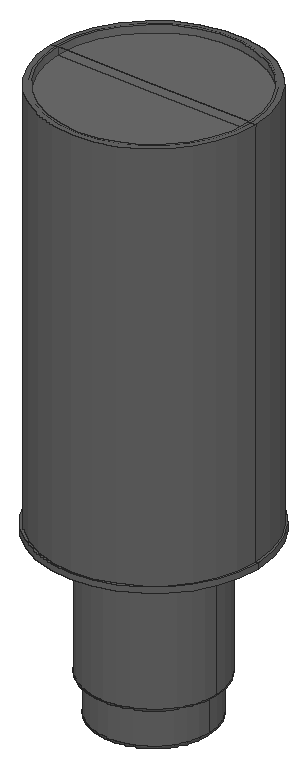
Revit family "LTC-6RDPH-S", category Lighting Fixtures, host Face, Revit 2017
Family settings
  Host = Face
  Round Connector Dimension = Use Diameter
  Part Type = Normal
  OmniClass Number = 23.80.70.11.14.11
  OmniClass Title = Downlights
  Cut with Voids When Loaded = No
  Light Source = Yes
  Shared = No
  Room Calculation Point = No
Parameters (values of type "LTC-6RDPH-SRMD")
  Wattage Comments = ""
  Wattage = 70 W
  Warranty = "• 5 year warranty\r\n• See HLI Standard Warranty for\r\nadditional information"  # constant formula
  built-in parameter 1150110 = 1 (stored number, unit not read)
  Voltage = 120 V
  built-in parameter 1114217 = 1 (stored number, unit not read)
  Tilt Angle = -90.00°  # constant formula
  built-in parameter 1150109 = 1 (stored number, unit not read)
  built-in parameter 1150134 = 3
  built-in parameter 1150113 = 1 (stored number, unit not read)
  SRMD = yes
  S = no
  Product Material = Paint - Hubbell - Carbon Black
  Photometric Web File = "LTC-6RDPH-P-06L35K8MD-PM-S-BL.ies"
  Glass = Hubbell - White Glass
  Features = "• 6inch architectural LED downlight and wall wash cylinder delivering 600 - 2000 lm \r\n• Five beam distributions from 0.3 to 1.1 Spacing Criteria \r\n• Quiet reflector appearance with 50º optical cutoff\r\n• 2700K - 5000K, 80+ and 90+ CRI options \r\n• Available in Surface, Wall, Pendant, or Cable/Cord Mount configurations \r\n• Versatile canopy options for recessed and surface-mounted J-box applications \r\n• PowerHUBB™ enables low-voltage wired connectivity for Power over Ethernet (PoE) network system deployment\r\n"  # constant formula
  Cord Height = 72.000"
  built-in parameter 1150105 = 389.93 (stored number, unit not read)
  Lumens = 4900 lm
  built-in parameter 1150115 = 1 (stored number, unit not read)
  built-in parameter 1150137 = (empty or 0)
  built-in parameter 1150139 = (empty or 0)
  built-in parameter 1150112 = 1 (stored number, unit not read)
  built-in parameter 1150114 = 1 (stored number, unit not read)
  built-in parameter 1150132 = (empty or 0)
  built-in parameter 1150102 = (empty or 0)
  built-in parameter 1150107 = 3200 (stored number, unit not read)
  built-in parameter 1150138 = (empty or 0)
  built-in parameter 1150106 = 3.8993 (stored number, unit not read)
  Emit from Circle Diameter = 7.000"  # constant formula
  Emit Shape Visible in Rendering = no
  built-in parameter 1150104 = 6.5032 (stored number, unit not read)
  Dimming Lamp Color Temperature Shift = <None>
  Copyright = "© 2021 Prescolite, a division of Hubbell Lighting, Inc"  # constant formula
  Contact us = "https://www.hubbell.com/prescolite/en/contactUs"
  Color Filter = 16777215
  Certifications = "• cCSAus certified to UL 1598\r\n• Wall Mount: Suitable for wet locations\r\n• Surface & Pendant Mount: Suitable for wet\r\nlocations under covered ceiling\r\n• Cord Mount and all Wall Wash: Suitable for\r\ndamp locations"  # constant formula
  Canopy WIdth = 7.500"
  Canopy Height = 0.200"
  Canopy = yes
  built-in parameter 1114218 = 1 (stored number, unit not read)
  Ballast = Paint - Hubbell - Carbon Black
  URL = "http://www.prescolite.com/"
  Product Page URL = "https://www.hubbell.com/prescolite/en/Products/Lighting-Controls/Commercial-Indoor-Lighting/Cylinders/LITEISTRY-6-Round-Cylinder-wPowerHUBB/p/3775874"
  Product Documentation Link = "https://hubbellcdn.com/specsheet/LTC-6RDWPH%20PowerHUBB.pdf"
  Model = "LTC-6RDPH"  # constant formula
  Manufacturer = "Prescolite"  # constant formula
  Lamp = "LED Lamp"
  Reflector = Glass - Hubbell - Glass
  Description = "LITEISTRY™ 6inch Round Cylinder Downlight/Wall Wash"  # constant formula
  Default Elevation = 48.000"
  built-in parameter 1150133 = 10 (stored number, unit not read)
  Apparent Load = 72 VA  # constant formula
Types (4): name | SRMD | S | Canopy WIdth | Canopy Height
  (no name) | yes | no | 7.500" | 0.200"
  LTC-6RDPH-SRMD | yes | no | 7.500" | 0.200"
  LTC-6RDPH-SPC | no | yes | 7.500" | 3.000"
  LTC-6RDPH-SPCC | no | no | 7.580" | 4.500"
Reference planes (in)
  plane 1 "Center (Front/Back)": y = 0
  plane 2: z = 0
  plane 3 "Center (Left/Right)": x = 0
  plane 4: y = 1
  plane 5: y = -1
  plane 6: x = 3
  plane 7: x = -3
  plane 8: x = -2.75391
  plane 9: x = 2.75391
  plane 10: x = -3.75
  plane 11: x = 3.75
  plane 12: z = 0.2
  plane 13: z = 14.2
Forms (in)
  Revolve 1, solid, material "Paint - Hubbell - Carbon Black" <- "Ballast", visible <- "SRMD"
    sketch origin (0, 0, 0) x (1, 0, 0) y (0, 0, 1)
      loop
        line (0, -6) -> (0, 0.00055) -> (-2.5, 0.00055) -> (-2.5, -0.43712)
        arc (-2.5, -0.43712) -> (-2.48175, -0.48119) -> (-2.43767, -0.49945) r 0.06233
        line (-2.43767, -0.49945) -> (-2.30081, -0.49945)
        arc (-2.30081, -0.49945) -> (-2.26488, -0.51433) -> (-2.25, -0.55026) r 0.05081
        line (-2.25, -0.55026) -> (-2.25, -4.55877)
        arc (-2.25, -4.55877) -> (-2.2306, -4.6056) -> (-2.18377, -4.625) r 0.06623
        line (-2.18377, -4.625) -> (-2.03463, -4.625)
        arc (-2.03463, -4.625) -> (-2.01014, -4.63514) -> (-2, -4.65963) r 0.03463
        line (-2, -4.65963) -> (-2, -5.88059)
        arc (-2, -5.88059) -> (-1.96503, -5.96503) -> (-1.88059, -6) r 0.11941
        line (-1.88059, -6) -> (0, -6)
      axis (0, 0.00055) -> (0, -6)
    angle from 0 to 360
  Revolve 2, solid, material "Paint - Hubbell - Carbon Black" <- "Product Material"
    sketch origin (-0.04663, 0, 1) x (1, 0, 0) y (0, 0, 1)
      loop
        line (3.46663, 13.2) -> (3.46663, 12.95) -> (0.04663, 12.95) -> (0.04663, -0.8) -> (3.71663, -0.8) -> (3.71663, 13.2) -> (3.46663, 13.2)
      axis (0.04663, 13.2) -> (0.04663, -0.8)
    angle from 0 to 360
  Revolve 3, solid, material "Hubbell - White Glass" <- "Glass"
    sketch origin (-0.04663, 0, 0) x (1, 0, 0) y (0, 0, 1)
      loop
        line (0.04663, 14.2) -> (0.04663, 13.95) -> (3.54663, 13.95) -> (3.54663, 14.2) -> (0.04663, 14.2)
      axis (0.04663, 14.2) -> (0.04663, 13.95)
    angle from 0 to 360
  Revolve 4, solid, material "Paint - Hubbell - Carbon Black" <- "Product Material", visible <- "Canopy"
    sketch origin (-0.04663, 0, 0.25) x (1, 0, 0) y (0, 0, 1)
      loop
        line (0.04663, -0.25) -> (3.79663, -0.25) -> (3.79663, -0.05) -> (0.04663, -0.05) -> (0.04663, -0.25)
      axis (0.04663, -0.05) -> (0.04663, -0.25)
    angle from 0 to 360
  Revolve 5, solid, material "Paint - Hubbell - Carbon Black" <- "Ballast", visible <- "S"
    sketch origin (0, 0, 0) x (1, 0, 0) y (0, 0, 1)
      loop
        line (0, 0.00055) -> (0, -0.99945) -> (2, -0.99945) -> (2, 0.00055) -> (0, 0.00055)
      axis (0, 0.00055) -> (0, -0.99945)
    angle from 0 to 360
Dimensions and locks (in)
  plane 4 to plane 1 "Center (Front/Back)" to plane 5 = 1.000" locked, 1.000" locked
  host face to Revolve 1 sketch curve = 6.000"
  equal spacing: plane 11, plane 3 "Center (Left/Right)", plane 10
  "Canopy WIdth": plane 11 to plane 10
  "Canopy Height": plane 12 to plane 2
  Revolve 2 sketch curve to Revolve 2 sketch curve to Revolve 2 sketch curve = 0.250" locked, 13.750" locked
  locked: Revolve 2 to Revolve 2 at 0.25
  locked: plane 13 to plane 12 at 14
  aligned and locked: plane 2 to host face
  aligned and locked: plane 3 "Center (Left/Right)" to imposter light
  aligned and locked: Revolve 4 sketch curve to Revolve 4 sketch curve
  aligned and locked: Revolve 4 to plane 12
  aligned and locked: plane 13 to Revolve 2 sketch curve
  aligned and locked: Revolve 2 to plane 13
  aligned and locked: Revolve 3 sketch curve to plane 3 "Center (Left/Right)"
  aligned and locked: plane 3 "Center (Left/Right)" to Revolve 3 sketch curve
  aligned and locked: imposter light to plane 13
  aligned and locked: Revolve 2 sketch curve to plane 3 "Center (Left/Right)"
  aligned and locked: Revolve 2 sketch curve to Revolve 2 sketch curve
  aligned and locked: Revolve 4 sketch curve to plane 3 "Center (Left/Right)"
  aligned and locked: plane 11 to Revolve 4 sketch curve
  aligned and locked: Revolve 4 sketch curve to plane 12
  aligned and locked: Revolve 4 sketch curve to host face
Automatic sketch dimensions
  host sketch curve to host sketch curve = 96.000"  (x2)
  Revolve 1 sketch curve to plane 3 "Center (Left/Right)" = 0.000"  (x2)
  plane 8 to Revolve 1 sketch curve = 0.87332"
  Revolve 1 sketch curve to Revolve 1 sketch curve = 0.11941"
  Revolve 1 sketch curve to Revolve 1 sketch curve = 0.03463"
  Revolve 1 sketch curve to Revolve 1 sketch curve = 0.14914"
  Revolve 1 sketch curve to Revolve 1 sketch curve = 0.06623"
  Revolve 1 sketch curve to Revolve 1 sketch curve = 0.05081"
  Revolve 1 sketch curve to Revolve 1 sketch curve = 0.13687"
  level to Revolve 1 sketch curve = 0.00055"
  plane 8 to Revolve 1 sketch curve = 0.25391"
  Revolve 1 sketch curve to Revolve 1 sketch curve = 1.22096"
  Revolve 1 sketch curve to level = 0.55026"
  Revolve 1 sketch curve to Revolve 1 sketch curve = 17.63999"
  Revolve 1 sketch curve to plane 12 = 100.07883"
  Revolve 2 sketch curve to Revolve 2 sketch curve = 0.250"
  Revolve 2 sketch curve to level = 23.000"
  Revolve 2 sketch curve to Revolve 2 sketch curve = 16.88245"
  Revolve 3 sketch curve to plane 12 = 13.750"
  Revolve 3 sketch curve to Revolve 3 sketch curve = 0.250"
  Revolve 3 sketch curve to level = 13.73828"
  Revolve 3 sketch curve to Revolve 3 sketch curve = 7.000"
  Revolve 4 sketch curve to level = 23.750"
  Revolve 4 sketch curve to Revolve 4 sketch curve = 24.89417"
  plane 3 "Center (Left/Right)" to Revolve 2 sketch curve = 3.420"
  plane 3 "Center (Left/Right)" to Revolve 3 sketch curve = 3.500"
  Revolve 5 sketch curve to plane 3 "Center (Left/Right)" = 0.000"  (x2)
  level to Revolve 5 sketch curve = 0.00055"
  Revolve 5 sketch curve to plane 11 = 1.750"
  Revolve 5 sketch curve to level = 0.99945"
  Revolve 5 sketch curve to Revolve 5 sketch curve = 22.64054"
  Revolve 5 sketch curve to plane 13 = 86.07883"
Connectors (in)
  electrical at (0, 0, 0), driven by "Description", driven by "Voltage", driven by "Apparent Load"
    settings: index 1, voltage 120 V, apparent load 72 VA, apparent load phase1 0 VA, apparent load phase2 0 VA, apparent load phase3 0 VA, power factor 1, load classification "Other", number of poles 1, system type 30, power factor state 1, is connector primary yes, connector utility no, sub classification motor no, connector description "LITEISTRY™ 6inch Round Cylinder Downlight/Wall Wash"
